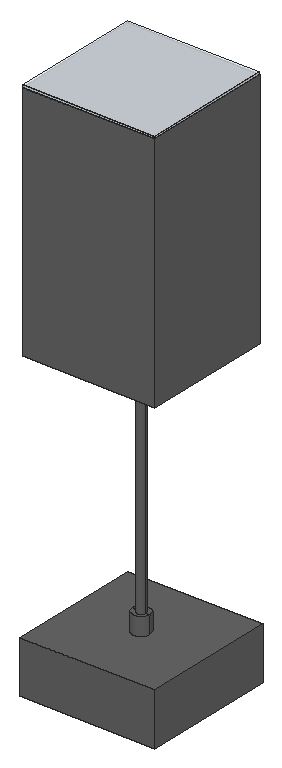
Revit family "LTC-6SQD-P", category Lighting Fixtures, host Face, Revit 2017
Family settings
  Host = Face
  Round Connector Dimension = Use Diameter
  Part Type = Normal
  OmniClass Number = 23.80.70.11.14.11
  OmniClass Title = Downlights
  Cut with Voids When Loaded = No
  Light Source = Yes
  Shared = No
  Room Calculation Point = No
Parameters (values of type "LTC-6SQD-PCC")
  Wattage Comments = "8-52W"
  Wattage = 100 W
  Warranty = "• 5 year warranty\r\n• See HLI Standard Warranty for\r\nadditional information"  # constant formula
  built-in parameter 1150110 = 1 (stored number, unit not read)
  Voltage = 120 V
  built-in parameter 1114217 = 1 (stored number, unit not read)
  Tilt Angle = -90.00°  # constant formula
  built-in parameter 1150109 = 1 (stored number, unit not read)
  built-in parameter 1150134 = 3
  built-in parameter 1150113 = 1 (stored number, unit not read)
  Recessed = no
  Photometric Web File = "LTC-6SQD-P-06L35K8MD-DM1-S-BL.ies"
  Features = "•\t6 inch architectural LED downlight cylinder delivering 600–2500 lm \r\n•\t4 beam distributions from 0.6 to 1.2 Spacing Criteria \r\n•\tQuiet reflector appearance with 50º optical cutoff \r\n•\tSpectraSync(TM) Color Tuning technology allows flexibility to tailor CCT to aesthetic preferences Available in Dim To Warm (2200K-3000K) or Tunable White (2700K-5000K or 2700K-6500K), 90 CRI \r\n•\tAvailable in Surface, Wall, Pendant, or Cable/Cord Mount configurations \r\n•\tVersatile canopy options for recessed and surface-mounted J-box applications \r\n•\tStandard with 0-10V dimming to 5%\r\n"  # constant formula
  Emit from Rectangle Width = 7.500"  # constant formula
  Emit from Rectangle Length = 7.500"  # constant formula
  Cord Height = 17.500"
  built-in parameter 1150105 = -5684000 (stored number, unit not read)
  Lumens = 2000 lm
  built-in parameter 1150115 = 1 (stored number, unit not read)
  built-in parameter 1150137 = (empty or 0)
  built-in parameter 1150139 = (empty or 0)
  built-in parameter 1150112 = 1 (stored number, unit not read)
  built-in parameter 1150114 = 1 (stored number, unit not read)
  built-in parameter 1150132 = 2
  built-in parameter 1150102 = (empty or 0)
  built-in parameter 1150107 = 3200 (stored number, unit not read)
  built-in parameter 1150138 = (empty or 0)
  built-in parameter 1150106 = -56840 (stored number, unit not read)
  Emit Shape Visible in Rendering = no
  built-in parameter 1150104 = 1.8581 (stored number, unit not read)
  Dimming Lamp Color Temperature Shift = <None>
  Copyright = "© 2021 Prescolite, a division of Hubbell Lighting, Inc"  # constant formula
  Contact us = "https://www.hubbell.com/prescolite/en/contactUs"
  Color Filter = 16777215
  Certifications = "• cCSAus certified to UL 1598\r\n• Wall Mount: Suitable for wet locations\r\n• Surface & Pendant Mount: Suitable for wet\r\nlocations under covered ceiling\r\n• Cord Mount and all Wall Wash: Suitable for\r\ndamp locations"  # constant formula
  Canopy Width = 7.750"
  Canopy Height = 3.000"
  built-in parameter 1114218 = 1 (stored number, unit not read)
  Ballast = Paint - Hubbell - Carbon Black
  URL = "https://www.hubbell.com/prescolite/en"
  Product Page URL = "https://www.hubbell.com/prescolite/en/Products/Lighting-Controls/Commercial-Indoor-Lighting/Cylinders/LITEISTRY-6-Square-Cylinder-wSpectraSync/p/3775908"
  Product Documentation Link = "https://hubbellcdn.com/specsheet/LTC-6SQD%20SpectraSync.pdf"
  Model = "LTC-6SQD"  # constant formula
  Manufacturer = "Prescolite"  # constant formula
  Lamp = "LED Lamp"
  Reflector = Glass - Hubbell - Glass
  Description = "LITEISTRY™ 6inch Square Cylinder"  # constant formula
  Default Elevation = 48.000"
  built-in parameter 1150133 = 10 (stored number, unit not read)
  Apparent Load = 52 VA  # constant formula
Types (3): name | Recessed | Canopy Width | Canopy Height
  (no name) | no | 7.750" | 3.000"
  LTC-6SQD-P | yes | 5.580" | 1.000"
  LTC-6SQD-PCC | no | 7.750" | 3.000"
Reference planes (in)
  plane 1 "Center (Front/Back)": y = 0
  plane 2: z = 0
  plane 3 "Center (Left/Right)": x = 0
  plane 4: z = 17.5
  plane 5: z = 17.25
  plane 6: x = -1
  plane 7: y = 1
  plane 8: x = 1
  plane 9: y = -1
  plane 10: x = -3.875
  plane 11: x = 3.875
  plane 12: z = 3
  plane 13: y = 3.875
  plane 14: y = -3.875
  plane 15: z = 31.5
Forms (in)
  Revolve 1, solid, material "Paint - Hubbell - Carbon Black" <- "Ballast"
    sketch origin (0, 0, -5.91673) x (1, 0, 0) y (0, 0, 1)
      loop
        line (0, 23.41673) -> (-0.38833, 23.41673) -> (-1.06332, 23.41673)
        arc (-1.06332, 23.41673) -> (-1.08372, 23.23867) -> (-1.06332, 23.0606) r 0.78757
        arc (-1.06332, 23.0606) -> (-0.75401, 23.02515) -> (-0.44277, 23.0172) r 3.51531
        arc (-0.44277, 23.0172) -> (-0.34697, 23.00218) -> (-0.25, 23.00372) r 0.56641
        line (-0.25, 23.00372) -> (-0.25, 9.91673) -> (-0.5, 9.91673) -> (-0.5, 8.91673) -> (0, 8.91673) -> (0, 23.41673)
      axis (0, 23.41673) -> (0, 8.91673)
    angle from 0 to 360
  Extrusion 2, solid, material "Paint - Hubbell - Carbon Black" <- "Ballast"
    sketch origin (0, 0, 0) x (1, 0, 0) y (0, 0, 1)
      loop
        line (-3.875, 0) -> (3.875, 0) -> (3.875, 3) -> (-3.875, 3) -> (-3.875, 0)
    from -3.875 to 3.875
  Extrusion 3, solid, material "Paint - Hubbell - Carbon Black" <- "Ballast", visible <- "Recessed"
    sketch origin (7.83986, -180, 7.93836) x (-1, 0, 0) y (0, -1, 0)
      loop
        line (9.1389, -182.25) -> (10.43794, -180) -> (9.1389, -177.75) -> (6.54083, -177.75) -> (5.24179, -180) -> (6.54083, -182.25) -> (9.1389, -182.25)
    from -8.74081 to -7.93836
Dimensions and locks (in)
  "Cord Height": plane 4 to host face
  locked: plane 4 to plane 5 at 0.25
  plane 6 to plane 3 "Center (Left/Right)" to plane 8 = 1.000" locked, 1.000" locked
  plane 7 to plane 1 "Center (Front/Back)" to plane 9 = 1.000" locked, 1.000" locked
  nested 1 to plane 4 = 14.000"
  equal spacing: plane 11, plane 3 "Center (Left/Right)", plane 10
  "Canopy Width": plane 11 to plane 10
  "Canopy Height": plane 12 to host face
  equal spacing: plane 13, plane 1 "Center (Front/Back)", plane 14
  "Canopy Width": plane 13 to plane 14
  locked: Revolve 1 sketch curve to Revolve 1 sketch curve at 1
  locked: plane 15 to plane 4 at 14
  aligned and locked: plane 2 to host face
  aligned and locked: Revolve 1 sketch curve to plane 4
  aligned and locked: plane 3 "Center (Left/Right)" to nested 1
  aligned and locked: nested 1 to plane 1 "Center (Front/Back)"
  aligned and locked: plane 3 "Center (Left/Right)" to imposter light
  aligned and locked: Extrusion 2 sketch curve to level
  aligned and locked: Extrusion 2 sketch curve to plane 10
  aligned and locked: Extrusion 2 sketch curve to plane 12
  aligned and locked: plane 11 to Extrusion 2 sketch curve
  aligned and locked: plane 14 to Extrusion 2
  aligned and locked: Extrusion 2 to plane 13
  aligned and locked: imposter light to plane 15
Automatic sketch dimensions
  host sketch curve to host sketch curve = 96.000"  (x2)
  Revolve 1 sketch curve to plane 3 "Center (Left/Right)" = 0.000"  (x2)
  Revolve 1 sketch curve to plane 3 "Center (Left/Right)" = 0.250"
  Revolve 1 sketch curve to Revolve 1 sketch curve = 0.04614"
  plane 4 to Revolve 1 sketch curve = 0.15048"
  Revolve 1 sketch curve to plane 3 "Center (Left/Right)" = 0.30745"
  Revolve 1 sketch curve to Revolve 1 sketch curve = 0.08088"
  Revolve 1 sketch curve to Revolve 1 sketch curve = 0.250"
  plane 6 to Revolve 1 sketch curve = 0.49121"
  Revolve 1 sketch curve to plane 6 = 0.06332"
  Revolve 1 sketch curve to plane 5 = 0.16301"
  plane 5 to Revolve 1 sketch curve = 0.07193"
  Revolve 1 sketch curve to Revolve 1 sketch curve = 2.96468"
  Revolve 1 sketch curve to plane 5 = 0.14953"
  Revolve 1 sketch curve to Revolve 1 sketch curve = 4.62756"
  Revolve 1 sketch curve to level = 13.75728"
  Revolve 1 sketch curve to plane 12 = 0.000"
Nested families (in)
  nested 1: "LTC" at (0, 0, 17.5) x (0, 1, 0) z (0, 0, 1), Ballast <- "Ballast", Reflector <- "Reflector", type "6"
    with Reflector Glass - Hubbell - Glass, Ballast Paint - Hubbell - Carbon Black
Connectors (in)
  electrical at (0, 0, 0), driven by "Description", driven by "Voltage", driven by "Apparent Load"
    settings: index 1, voltage 120 V, apparent load 52 VA, apparent load phase1 0 VA, apparent load phase2 0 VA, apparent load phase3 0 VA, power factor 1, load classification "Other", number of poles 1, system type 30, power factor state 1, is connector primary yes, connector utility no, sub classification motor no, connector description "LITEISTRY™ 6inch Square Cylinder"
Definition of nested family "LTC"
  Parameters
    Width = 7.58984"
    Wattage Comments = ""
    Lamp = ""
    Height = 14.000"
    Ballast [instance] = none
    URL = ""
    Product Page URL = ""
    Product Documentation Link = ""
    Model = ""
    Manufacturer Phone = ""
    Manufacturer Fax = ""
    Manufacturer = "Prescolite"
    Reflector [instance] = none
    Description = ""
    Default Elevation = 48.000"
  Reference planes (in)
    plane 1 "Center (Front/Back)": y = 0
    plane 2: z = 0
    plane 3 "Center (Left/Right)": x = 0
    plane 4: y = 3.79492
    plane 5: y = -3.79492
    plane 6: z = 14
    plane 7: z = 0.125
    plane 8: x = 3.79492
    plane 9: z = 13.875
    plane 10: x = -3.79492
  Forms (in)
    Extrusion 1, solid
      sketch origin (0, 0, 0) x (1, 0, 0) y (0, 1, 0)
        loop
          line (-48, 48) -> (-48, -48) -> (48, -48) -> (48, 48) -> (-48, 48)
      from 0 to -6
    Extrusion 2, solid, material <- "Reflector"
      sketch origin (0, 0, 30.25) x (1, 0, 0) y (0, 1, 0)
        loop
          line (-3.79492, 3.79492) -> (-3.79492, -3.79492) -> (3.79492, -3.79492) -> (3.79492, 3.79492) -> (-3.79492, 3.79492)
      from -16.25 to -16.375
    Extrusion 3, solid, material <- "Ballast"
      sketch origin (0, 0, 0) x (1, 0, 0) y (0, 1, 0)
        loop
          line (-3.79492, 3.79492) -> (-3.79492, -3.79492) -> (3.79492, -3.79492) -> (3.79492, 3.79492) -> (-3.79492, 3.79492)
      from 0 to 13.875
  Dimensions and locks (in)
    equal spacing: plane 4, plane 1 "Center (Front/Back)", plane 5
    "Width": plane 5 to plane 4
    equal spacing: plane 10, plane 3 "Center (Left/Right)", plane 8
    "Width": plane 10 to plane 8
    "Height": plane 6 to Extrusion 1
    locked: plane 6 to plane 9 at 0.125
    aligned and locked: plane 2 to Extrusion 1
    aligned and locked: Extrusion 2 to plane 9
    aligned and locked: plane 9 to Extrusion 3
    aligned and locked: plane 6 to Extrusion 2
  Automatic sketch dimensions
    Extrusion 1 sketch curve to Extrusion 1 sketch curve = 96.000"  (x2)
    Extrusion 3 sketch curve to plane 5 = 0.000"
    Extrusion 3 sketch curve to plane 10 = 0.000"
    Extrusion 3 sketch curve to plane 8 = 0.000"
    plane 4 to Extrusion 3 sketch curve = 0.000"
    Extrusion 2 sketch curve to plane 5 = 0.000"
    Extrusion 2 sketch curve to plane 10 = 0.000"
    Extrusion 2 sketch curve to plane 8 = 0.000"
    plane 4 to Extrusion 2 sketch curve = 0.000"
